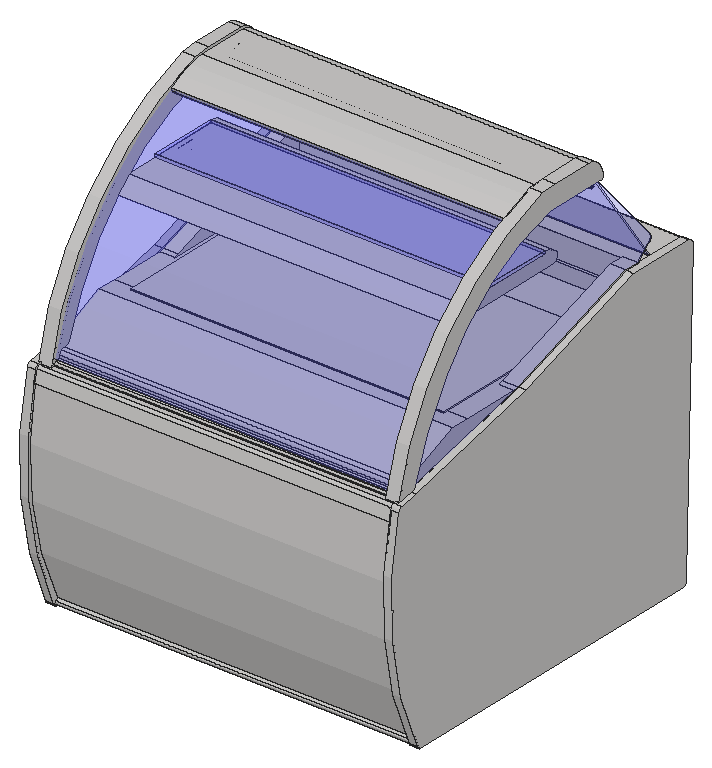
Revit family "Food-Service-Equipment_Oscartek_CS1100-52H", category Specialty Equipment, Revit 2026 (continued)
Automatic sketch dimensions
  plane 17 to Extrusion 25 sketch curve = 9.97106"
  plane 7 "Center Y" to Extrusion 25 sketch curve = 5.54884"
  Split face 1 sketch curve to Extrusion 25 = 0.39357"  (x2)
  Split face 1 sketch curve to Split face 1 sketch curve = 0.07429"  (x2)
  Split face 1 sketch curve to Split face 1 sketch curve = 0.00226"
  Split face 1 sketch curve to Extrusion 25 = 0.40459"
  Split face 1 sketch curve to Extrusion 25 = 0.40368"
  Split face 1 sketch curve to Split face 1 sketch curve = 0.0009"
  Split face 1 sketch curve to Split face 1 sketch curve = 0.07718"  (x2)
  Split face 1 sketch curve to Extrusion 25 = 1.54642"
  Split face 1 sketch curve to Split face 1 sketch curve = 0.07655"
  Split face 1 sketch curve to Extrusion 25 = 1.62525"
  Split face 1 sketch curve to Split face 1 sketch curve = 0.00076"
  Extrusion 5 to Extrusion 26 sketch curve = 2.49036"  (x2)
  Extrusion 26 sketch curve to Extrusion 26 sketch curve = 11.94589"
  Extrusion 26 sketch curve to Extrusion 26 sketch curve = 9.58498"
  Extrusion 26 sketch curve to Extrusion 26 sketch curve = 12.99029"
  Extrusion 26 sketch curve to Extrusion 26 sketch curve = 13.09484"
  Extrusion 26 sketch curve to Extrusion 26 sketch curve = 12.79922"
  Extrusion 26 sketch curve to Extrusion 26 sketch curve = 13.61475"
  Extrusion 15 to Extrusion 5 sketch curve = 6.20993"
  Extrusion 15 to Extrusion 5 sketch curve = 6.20995"
  Extrusion 15 to Extrusion 5 sketch curve = 26.11143"
  Extrusion 5 to Extrusion 26 sketch curve = 0.59142"
  curve 15 to curve 11 = 7.84688"
  plane 7 "Center Y" to curve 5 = 6.90315"
  curve 30 to plane 8 "Center X" = 2.67676"
  curve 2 to plane 13 = 6.78279"
  curve 10 to curve 10 = 3.18198"
  curve 11 to plane 5 "FRONT" = 9.56013"
  curve 9 to curve 8 = 1.41252"
  radius of Extrusion 12 sketch curve to Extrusion 3 = 0.00"  (x2)
  radius of Extrusion 16 sketch curve to Extrusion 7 = 0.00"
  radius of Extrusion 17 sketch curve to Extrusion 16 = 0.00"  (x2)
  radius of Extrusion 18 sketch curve to Extrusion 16 = 0.00"  (x2)
Nested families (in)
  nested 1: "CS1100-52H_LIGHTING" at (22.835, -17.50523, -2.18621), type "CS1100-52H_LIGHTING"
  nested 2: "CS1100-52H_LIGHTING" at (22.835, -24.32628, -10.1754), type "CS1100-52H_LIGHTING"
Connectors (in)
  electrical at (22.835, -17.75705, 5.22229), driven by "Volts", driven by "Watts"
    settings: on Extrusion 1, index 4, voltage 220 V, apparent load 500 VA, apparent load phase1 0 VA, apparent load phase2 0 VA, apparent load phase3 0 VA, power factor 1, load classification "Other", number of poles 1, system type 30, power factor state 1, is connector primary yes, connector utility no, sub classification motor no, connector description "Electrical Connection"
Definition of nested family "CS1100-52H_LIGHTING"
  Parameters
    Wattage = 12.1178 W
    built-in parameter 1150110 = 1 (stored number, unit not read)
    built-in parameter 1114217 = 1 (stored number, unit not read)
    built-in parameter 1150109 = 1 (stored number, unit not read)
    built-in parameter 1150134 = (empty or 0)
    built-in parameter 1150113 = 1 (stored number, unit not read)
    Lumens = 1800 lm
    built-in parameter 1150115 = 1 (stored number, unit not read)
    built-in parameter 1150105 = 572.96 (stored number, unit not read)
    Light Source Symbol Size = 24.00"
    built-in parameter 1150137 = (empty or 0)
    built-in parameter 1150139 = (empty or 0)
    built-in parameter 1150112 = 1 (stored number, unit not read)
    built-in parameter 1150114 = 1 (stored number, unit not read)
    built-in parameter 1150132 = 2
    built-in parameter 1150102 = (empty or 0)
    built-in parameter 1150138 = (empty or 0)
    built-in parameter 1150107 = 3000 (stored number, unit not read)
    built-in parameter 1150106 = 5.7296 (stored number, unit not read)
    Emit from Line Length = 40.00"
    built-in parameter 1150104 = 13.8 (stored number, unit not read)
    Dimming Lamp Color Temperature Shift = (empty or 0)
    Default Elevation = 0.00"
    Color Filter = 16777215
    built-in parameter 1114218 = 1 (stored number, unit not read)
    built-in parameter 1150133 = 10 (stored number, unit not read)
    Assembly Code = ""
  Reference planes (in)
    plane 1 "Light Source Axis (F/B)": y = 0
    plane 2: z = 0
    plane 3 "Light Source Axis (L/R)": x = 0
    plane 4 "Light Source Elevation": z = 54
    plane 5: x = 20
    plane 6: x = -20
  Forms (in)
    Extrusion 1, solid
      sketch origin (0, 0, 0) x (0, 1, 0) y (0, 0, 1)
        loop
          circle (0, 53.55518) r 0.44482
      from -20 to 20
  Dimensions and locks (in)
    equal spacing: plane 6, plane 3 "Light Source Axis (L/R)", plane 5
    "Emit from Line Length": plane 6 to plane 5
    aligned and locked: plane 3 "Light Source Axis (L/R)" to imposter light
    aligned and locked: plane 1 "Light Source Axis (F/B)" to imposter light
    aligned and locked: plane 4 "Light Source Elevation" to imposter light
    aligned and locked: level to plane 2
    aligned and locked: imposter light to Extrusion 1
    aligned and locked: plane 5 to Extrusion 1
  Automatic sketch dimensions
    Extrusion 1 sketch curve to plane 1 "Light Source Axis (F/B)" = 0.00"
    plane 4 "Light Source Elevation" to Extrusion 1 sketch curve = 0.44482"
    radius of Extrusion 1 sketch curve = 0.44482"
